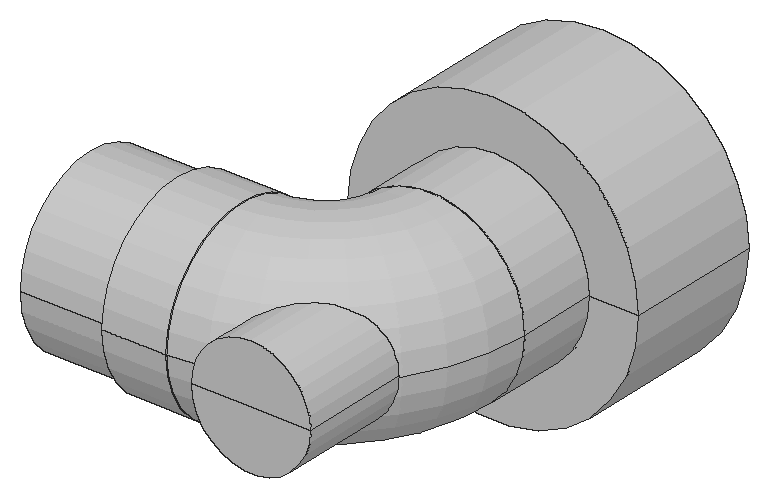
Revit family "6248 01_Anschlussbogen 90°", category Rohrformteile, Revit 2021
Family settings
  Bemaßung runder Anschluss = Radius verwenden
  Teiletyp = Bogen
  OmniClass-Nummer = 23.60.30.11.14
  OmniClass-Titel = Pipework Fittings
  Arbeitsebenenbasiert = Nein
  Immer vertikal = Ja
  Beim Laden mit Abzugskörper schneiden = Nein
  Gemeinsam genutzt = Nein
Parameters (values of type "G3/4 x G3/4")
  Vorgabe-Ansicht = 0.00 mm
  URL = "www.herz-armaturen.at"
  SCRNSEQ = "AWI;AWI_TYP=\"1001\";2"
  SCRNCODE = "07;08;02"  # constant formula
  R01 [instance] = 11.20 mm  # constant formula
  O-Ring = "EPDM"  # constant formula
  Mutter = "Messing CW614N, vernickelt"  # constant formula
  Medium = "Heizungswasser nach ÖNORM H5195 oder VDI- Richtlinie 2035.\r\nDie Verwendung von Ethylen- oder Propyleneglykol in einem Mischungsverhältnis 25- 50% ist zulässig."
  Max. Betriebstemperatur = 110 °C  # constant formula
  Max. Betriebsdruck = 1000000.0 Pa  # constant formula
  L01 [instance] = 9.90 mm  # constant formula
  L00 [instance] = 29.00 mm  # constant formula
  Hinweiß = "Der O-Ring dient als zusätzliche Dichtung, bei Verlust ist der Anschlussbogen metallisch dichtend."
  Hersteller = "HERZ Armaturen Ges.m.b.H."  # constant formula
  H06 [instance] = 13.50 mm  # constant formula
  H05 [instance] = 10.40 mm  # constant formula
  H04 [instance] = 15.50 mm  # constant formula
  H03 [instance] = 36.40 mm  # constant formula
  H02 [instance] = 2.50 mm  # constant formula
  H01 [instance] = 8.10 mm  # constant formula
  H00 [instance] = 31.60 mm  # constant formula
  D04 [instance] = 6.75 mm  # constant formula
  D03 [instance] = 16.50 mm  # constant formula
  D02 [instance] = 11.10 mm  # constant formula
  D01 [instance] = 9.17 mm  # constant formula
  D00 [instance] = 12.10 mm  # constant formula
  Anschlussbogen = "Messing CC770S, vernickelt"  # constant formula
  Bestellnummer [instance] = 1624801  # constant formula
  Außenradius [instance] = 10.80 mm  # constant formula
  Nennradius [instance] = 10 mm  # constant formula
  Nenndurchmesser [instance] = Nennradius * 2  # 20 mm
  Verlustberechnungsmethode = K-Koeffizient aus Tabelle
  Länge 2 [instance] = Bogenradius - Bogenradius * cos(Winkel)  # 11.30 mm
  Länge 1 [instance] = Bogenradius * sin(Winkel)  # 11.30 mm
  K-Koeffizient-Tabelle = "Regular 45, 90 and 180 Elbow"
  Ausführung = "Anschlussbogen 90° aus Messing, vernickelt, Rohranschluss mit Aussengewinde, freidrehende Überwurfmutter, konisch dichtend."
  Abstand Mittelpunkt Ende [instance] = Radius 1 * tan(Winkel / 2)  # 11.8 mm
  Radius 1 [instance] = if(Bogenradius < Außenradius + 1 mm, Außenradius + 1 mm, Bogenradius)  # 11.8 mm
  Bogenradius [instance] = 11.3 mm  # constant formula
  Winkel [instance] = 90.00°  # constant formula
Reference planes
  plane 1 "Mitte (Vorne/hinten)": y = 0
  plane 2: z = 0
  plane 3 "Mitte (Links/rechts)": x = 0
  plane 4: x = -11.8
  plane 5: y = 11.8
  plane 6: y = 10
  plane 7: y = -10
  plane 8: z = 10
  plane 9: z = -10
  plane 10: x = 0
  plane 11: y = 11.3
Forms (mm)
  Sweep 1, solid, material "Messing, vernickelt", detail levels fine
    path in 3D
      loop
        arc (-11.8, 0, 0) -> (-3.456, 3.456, 0) -> (0, 11.8, 0) r 11.8
    profile origin (-3.456, 3.456, 0) x (-0.707107, 0.707107, 0) y (0, 0, 1)
      loop
        circle (0, 0) r 10.8
  Revolve 2, solid, material "Messing, vernickelt", detail levels fine
    sketch origin (-11.8, 11.8, 0) x (0, -1, 0) y (1, 0, 0)
      loop
        line (-19.8, 11.8) -> (-19.8, 2.63)
        arc (-19.8, 2.63) -> (-17.13, 1.288) -> (-14.2, 0.7) r 11.2
        line (-14.2, 0.7) -> (-14.2, -0.3) -> (-11.7, -0.3) -> (-11.7, 1) -> (0, 1) -> (0, 11.8) -> (-19.8, 11.8)
      axis (-19.8, 11.8) -> (0, 11.8)
    angle from 0 to 360
  Revolve 3, solid, material "Messing, vernickelt", detail levels fine
    sketch origin (-11.8, 11.8, 0) x (0, -1, 0) y (1, 0, 0)
      loop
        line (11.8, 0) -> (11.8, -17.2) -> (21.8, -17.2) -> (21.8, -7.3) -> (22.6, -7.3) -> (22.6, 0) -> (11.8, 0)
      axis (11.8, 0) -> (11.8, -17.2)
    angle from 0 to 360
  Revolve 4, solid, material "Messing, vernickelt", detail levels fine
    sketch origin (-11.8, 11.8, 0) x (0, -1, 0) y (1, 0, 0)
      loop
        line (-24.6, 28.3) -> (-24.6, 21.8) -> (-14.2, 21.8) -> (-14.2, 11.8) -> (-9.1, 11.8) -> (-9.1, 28.3) -> (-24.6, 28.3)
      axis (-24.6, 11.8) -> (-9.1, 11.8)
    angle from 0 to 360
  Revolve 5, solid, material "Messing, vernickelt", detail levels fine
    sketch origin (-11.8, 11.8, 0) x (0, -1, 0) y (1, 0, 0)
      loop
        line (11.8, 11.8) -> (25.3, 11.8) -> (25.3, 18.55) -> (11.8, 18.55) -> (11.8, 11.8)
      axis (11.8, 11.8) -> (25.3, 11.8)
    angle from 0 to 360
Lines and regions (mm)
  reference lines
    curve 1: arc (-11.8, 0, 0) -> (-3.456, 3.456, 0) -> (0, 11.8, 0) r 11.8
    curve 6: line (-11.8, 11.8, 0) -> (36.687, 11.8, 0)
    curve 7: line (-11.8, 11.8, 0) -> (-11.8, 58.71, 0)
    curve 8: line (0, 49.947, 0) -> (0, -27.415, 0)
    curve 9: line (-10, 42.241, 0) -> (-10, 17.241, 0)
    curve 10: line (10, 42.241, 0) -> (10, 17.241, 0)
    curve 14: line (-11.8, 11.8, 0) -> (-11.8, 0, 0)
  sketch lines
    curve 2: arc (-11.8, 0, 0) -> (-3.456, 3.456, 0) -> (0, 11.8, 0) r 11.8
  model lines, style "Symbol", detail levels coarse+medium
    curve 3: line (-11.8, 0, 25) -> (-11.8, 0, -25)
    curve 5: line (-11.8, 10, 0) -> (-11.8, -10, 0)
    curve 12: line (-10, 11.8, 0) -> (10, 11.8, 0)
    curve 15: arc (-11.8, 0, 0) -> (-3.456, 3.456, 0) -> (0, 11.8, 0) r 11.8
    curve 16: line (0, 11.3, 10) -> (0, 11.3, -10)
  model lines, detail levels coarse+medium
    curve 4: line (-11.8, 10, 0) -> (-11.8, -10, 0)
    curve 11: line (-10, 11.8, 0) -> (10, 11.8, 0)
    curve 13: arc (-11.8, 0, 0) -> (-3.456, 3.456, 0) -> (0, 11.8, 0) r 11.8
Dimensions and locks
  "Abstand Mittelpunkt Ende": plane 4 to plane 3 "Mitte (Links/rechts)"
  "Radius 1": plane 5 to plane 1 "Mitte (Vorne/hinten)"
  locked: plane 5 to curve 1 at 0
  locked: plane 4 to curve 1 at 0
  "Nennradius": plane 6 to plane 1 "Mitte (Vorne/hinten)"
  equal spacing: plane 6, plane 1 "Mitte (Vorne/hinten)", plane 7
  "Radius 1": curve 7 to curve 8
  "Nennradius": curve 9 to curve 8
  "Nennradius": curve 8 to curve 10
  "Nennradius": plane 8 to plane 2
  "Nennradius": plane 9 to plane 2
  "Radius 1": plane 4 to plane 10
  "Länge 2": plane 11 to plane 1 "Mitte (Vorne/hinten)"
  "D01": Revolve 2 sketch curve to curve 8
  "D02": Revolve 2 sketch curve to curve 8
  "D00": Revolve 2 sketch curve to curve 8
  "Außenradius": Revolve 2 sketch curve to Revolve 2 sketch curve
  "H01": Revolve 2 sketch curve to Revolve 2 sketch curve
  "H02": Revolve 2 sketch curve to Revolve 2 sketch curve
  "H00": Revolve 2 sketch curve to plane 1 "Mitte (Vorne/hinten)"
  "Radius 1": plane 4 to Revolve 2 sketch curve  (x2)
  "L00": Revolve 3 sketch curve to plane 3 "Mitte (Links/rechts)"
  "Länge 1": plane 11 to Revolve 3 sketch curve
  "Nennradius": Revolve 3 sketch curve to Revolve 3 sketch curve
  "L01": Revolve 3 sketch curve to Revolve 3 sketch curve
  "Außenradius": Revolve 3 sketch curve to Revolve 3 sketch curve
  "Länge 1": Revolve 3 sketch curve to plane 11
  "Nennradius": curve 8 to Revolve 4 sketch curve
  "D03": curve 8 to Revolve 4 sketch curve
  "H03": Revolve 4 sketch curve to plane 1 "Mitte (Vorne/hinten)"
  "H04": Revolve 4 sketch curve to Revolve 4 sketch curve
  "H05": Revolve 4 sketch curve to Revolve 4 sketch curve
  "Radius 1": plane 4 to Revolve 4 sketch curve  (x2)
  "H06": Revolve 5 sketch curve to plane 1 "Mitte (Vorne/hinten)"
  "Radius 1": plane 4 to Revolve 5 sketch curve  (x2)
  "D04": Revolve 5 sketch curve to Revolve 5 sketch curve
  "Radius 1": radius of curve 1
  "Außenradius": radius of Sweep 1 sketch curve
  "Radius 1": radius of curve 13
  "Radius 1": radius of curve 15
  "R01": radius of Revolve 2 sketch curve
  "Winkel": angle curve 1 to curve 1
  "Winkel": angle plane 4 to curve 6
  locked: curve 6 to curve 7 (angle 90.00°)
  locked: curve 6 to curve 8 (angle 90.00°)
  locked: curve 6 to curve 9 (angle 90.00°)
  locked: curve 6 to curve 10 (angle 90.00°)
  "Winkel": angle curve 13 to curve 13
  "Winkel": angle curve 15 to curve 15
  aligned and locked: plane 4 to curve 1
  aligned and locked: curve 4 to plane 6
  aligned and locked: curve 4 to plane 7
  aligned and locked: curve 4 to plane 4
  aligned and locked: curve 5 to plane 7
  aligned and locked: curve 5 to plane 6
  aligned and locked: curve 5 to plane 4
  aligned and locked: plane 4 to curve 6
  aligned and locked: plane 5 to curve 6
  aligned and locked: plane 4 to curve 7
  aligned and locked: plane 5 to curve 7
  aligned and locked: curve 9 to curve 11
  aligned and locked: curve 10 to curve 11
  aligned and locked: curve 6 to curve 11
  aligned and locked: curve 9 to curve 12
  aligned and locked: curve 10 to curve 12
  aligned and locked: curve 6 to curve 12
  aligned and locked: plane 4 to curve 13  (x2)
  aligned and locked: plane 1 "Mitte (Vorne/hinten)" to curve 13
  aligned and locked: plane 5 to curve 14
  aligned and locked: curve 14 to plane 4
  aligned and locked: plane 5 to curve 15
  aligned and locked: plane 4 to curve 15  (x2)
  aligned and locked: plane 8 to curve 16
  aligned and locked: curve 16 to plane 9
  aligned and locked: curve 16 to plane 11
Automatic sketch dimensions
  curve 3 to curve 3 = 50.00 mm
  Sweep 1 sketch curve to profile plane = 0.00 mm
  profile plane to Sweep 1 sketch curve = 0.00 mm
  curve 8 to curve 6 = 39.215 mm
  curve 6 to curve 9 = 5.441 mm
  curve 10 to curve 6 = 5.441 mm
  curve 14 to Revolve 2 sketch curve = 0.00 mm
  Revolve 2 sketch curve to Revolve 2 sketch curve = 23.847 mm
  curve 14 to Revolve 2 sketch curve = 16.715 mm
  Revolve 3 sketch curve to curve 14 = 1501.50 mm
  Revolve 3 sketch curve to curve 14 = 0.00 mm
  curve 14 to Revolve 3 sketch curve = 1546.50 mm
  Revolve 4 sketch curve to Revolve 4 sketch curve = 13.547 mm
  curve 14 to Revolve 4 sketch curve = 27.415 mm
  curve 14 to Revolve 5 sketch curve = 0.00 mm
  Revolve 5 sketch curve to curve 14 = 28.216 mm
  Revolve 5 sketch curve to Revolve 5 sketch curve = 17.99 mm
Connectors
  piping at (-29, 0, 0), diameter 20, driven by "Nennradius"
    settings: on Revolve 3, index 2, connector inside diameter 609.6 mm, connector length 0.00 mm, flow factor 0, pipe flow 0.0 L/s, pressure drop 0.0 Pa, fitting loss kfactor 0, connector angle 0.00°, fixture units 0, engagement length 0.00 mm, angle of deflection 0.00°, flow configuration 0, flow direction 0, fitting loss method 0, system type 7, joint type 0, gender type 0, connector reference index -1, connector utility 0, adjustable connector no, is connector primary yes, connector description ""
  piping at (0, 26, 0), diameter 20, driven by "Nennradius"
    settings: on Revolve 4, index 3, connector inside diameter 609.6 mm, connector length 0.00 mm, flow factor 0, pipe flow 0.0 L/s, pressure drop 0.0 Pa, fitting loss kfactor 0, connector angle 0.00°, fixture units 0, engagement length 0.00 mm, angle of deflection 0.00°, flow configuration 0, flow direction 0, fitting loss method 0, system type 7, joint type 0, gender type 0, connector reference index -1, connector utility 0, adjustable connector no, is connector primary no, connector description ""
